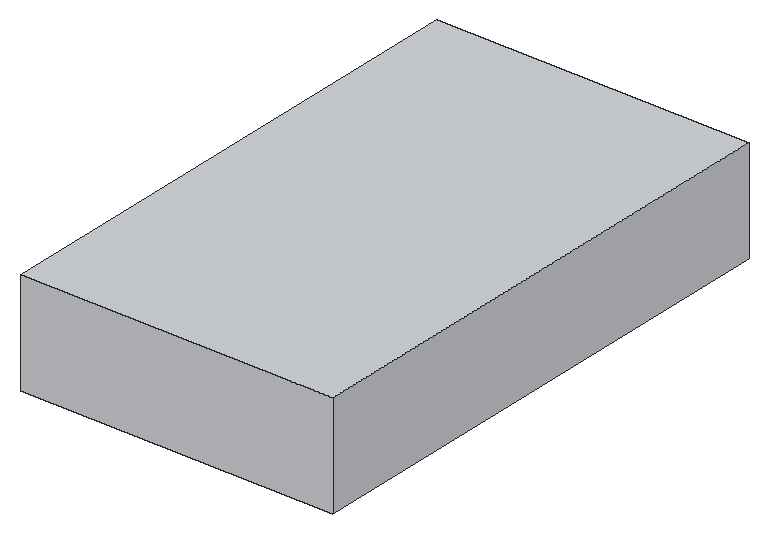
Revit family "F1", category 一般モデル, Revit 2021
Family settings
  鉄筋をホスト可能 = いいえ
  丸型コネクタ寸法 = 直径を使用
  パーツ タイプ = 標準
  作業面ベース = いいえ
  常に垂直 = はい
  ロード時にボイドで切り取り = いいえ
  共有 = いいえ
  部屋計算ポイント = いいえ
Parameters
  既定の高さ = 0 mm
  W [instance] = 300 mm
  L [instance] = 500 mm
  H [instance] = 100 mm
Reference planes
  plane 1 "中心(正面/背面)": y = 0
  plane 2: z = 0
  plane 3 "中心(左/右)": x = 0
  plane 4: z = 100
  plane 5: x = -150
  plane 6: x = 150
  plane 7: y = -500
Forms (mm)
  Extrusion 1, solid
    sketch origin (0, 0, 0) x (1, 0, 0) y (0, 0, 1)
      loop
        line (-150, 0) -> (150, 0) -> (150, 100) -> (-150, 100) -> (-150, 0)
    from 0 to 500
Dimensions and locks
  equal spacing: plane 6, plane 3 "中心(左/右)", plane 5
  "W": plane 6 to plane 5
  "H": plane 4 to level
  "L": plane 1 "中心(正面/背面)" to plane 7
  aligned and locked: level to plane 2
  aligned and locked: Extrusion 1 sketch curve to plane 2
  aligned and locked: Extrusion 1 sketch curve to plane 5
  aligned and locked: plane 4 to Extrusion 1 sketch curve
  aligned and locked: plane 6 to Extrusion 1 sketch curve
  aligned and locked: Extrusion 1 to plane 1 "中心(正面/背面)"
  aligned and locked: Extrusion 1 to plane 7
